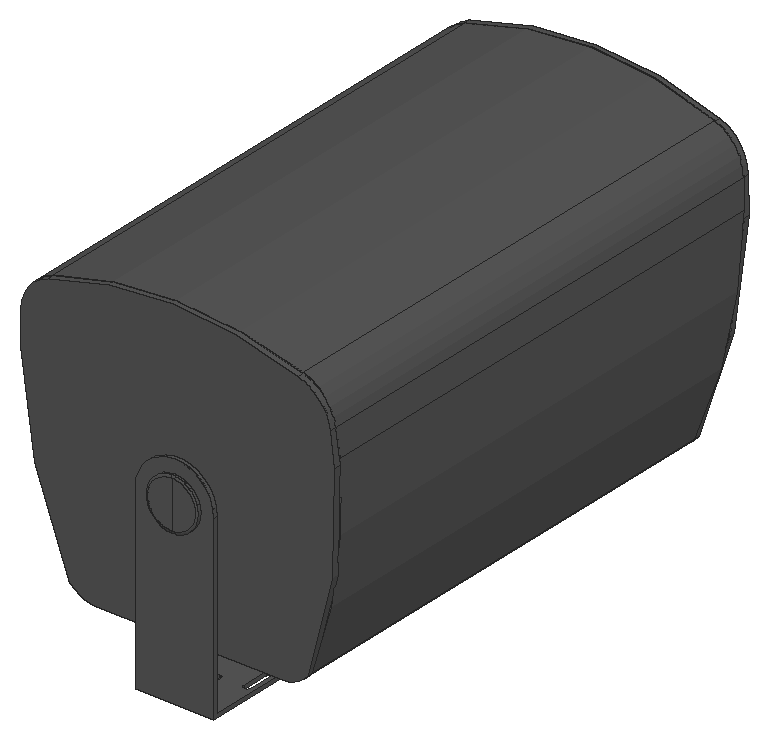
Revit family "Electronics_Desono_Biamp_Two-Way-High-Coaxial-Surface-Mount-Loudspeaker_EX-S8", category Communication Devices, host Face, Revit 2020 (continued)
Definition of nested family "EX-S8"
  Lines and regions (in)
    Masking region 2
      outline origin (0, 4.94549, 3.73646) x (0, -1, 0) y (0, 0, -1)
        loop
          spline (8.8854, 3.43676) -> (8.83102, 3.50127) -> (8.77193, 3.56152) -> (8.70846, 3.61715) -> (8.64097, 3.66786) -> (8.56984, 3.71336) -> (8.49549, 3.75339) -> (8.41832, 3.78772) -> (8.33879, 3.81616) -> (8.25733, 3.83855) -> (8.17441, 3.85476) -> (8.09051, 3.86469) -> (8.0061, 3.8683)
          line (8.0061, 3.8683) -> (1.88489, 3.8683)
          spline (1.88489, 3.8683) -> (1.80047, 3.86469) -> (1.71657, 3.85476) -> (1.63365, 3.83855) -> (1.5522, 3.81616) -> (1.47266, 3.78772) -> (1.39549, 3.75339) -> (1.32114, 3.71336) -> (1.25001, 3.66786) -> (1.18253, 3.61715) -> (1.11906, 3.56152) -> (1.05996, 3.50127) -> (1.00558, 3.43676)
          spline (1.00558, 3.43676) -> (0.84631, 3.03905) -> (0.6974, 2.63736) -> (0.55896, 2.23197) -> (0.43108, 1.82313) -> (0.31384, 1.41113) -> (0.20733, 0.99625) -> (0.11161, 0.57875) -> (0.02675, 0.15893) -> (-0.04719, -0.26295) -> (-0.11017, -0.68659) -> (-0.16215, -1.11171) -> (-0.20308, -1.53804)
    Masking region 3
      outline origin (-2.6015, 0.6342, 3.73646) x (1, 0, 0) y (0, 0, 1)
        loop
          line (-6.14621, 6.48208) -> (-5.42244, -3.8683) -> (10.62544, -3.8683) -> (11.34921, 6.48208) -> (-6.14621, 6.48208)
    reference lines
      curve 1: line (0, 4.94549, 3.73646) -> (0, -4.94549, 3.73646)
      curve 2: line (-2.6015, 0.6342, 3.73646) -> (3.50086, 0.6342, 3.73646)
  Dimensions and locks (in)
    "Offset": curve 1 to plane 2
    Extrusion 5 sketch curve to Extrusion 5 sketch curve = 12.79528"  (x2)
    Extrusion 5 sketch curve to Extrusion 5 sketch curve = 11.19314"  (x2)
    curve 2 to Extrusion 5 sketch curve = 4.25991"  (x2)
    aligned and locked: level to plane 2
  Automatic sketch dimensions
    Masking region 1 sketch curve to plane 3 "Center (Left/Right)" = 8.70866"
    plane 3 "Center (Left/Right)" to Masking region 1 sketch curve = 8.70866"
    plane 1 "Center (Front/Back)" to Masking region 1 sketch curve = 5.12992"
    Masking region 1 sketch curve to plane 1 "Center (Front/Back)" = 5.12992"
    curve 1 to Extrusion 1 sketch curve = 2.91707"  (x2)
    Extrusion 1 sketch curve to curve 1 = 6.36796"
    curve 1 to Extrusion 1 sketch curve = 1.34083"
    curve 1 to Extrusion 1 sketch curve = 1.89023"
    Extrusion 1 sketch curve to Extrusion 1 sketch curve = 3.05526"
    Extrusion 1 sketch curve to curve 1 = 1.89023"
    Extrusion 1 sketch curve to curve 1 = 1.34083"
    curve 1 to Extrusion 1 sketch curve = 6.36796"
    Extrusion 1 sketch curve to curve 1 = 4.34522"  (x2)
    curve 1 to Extrusion 1 sketch curve = 2.73195"  (x2)
    Extrusion 1 sketch curve to Extrusion 1 sketch curve = 1.12262"
    Extrusion 1 sketch curve to Extrusion 1 sketch curve = 1.99732"
    Extrusion 1 sketch curve to curve 1 = 0.18443"
    Extrusion 1 sketch curve to Extrusion 1 sketch curve = 0"  (x3)
    Extrusion 1 sketch curve to Extrusion 1 sketch curve = 0.88464"
    Extrusion 4 sketch curve to Extrusion 4 sketch curve = 0"  (x16)
    curve 1 to Extrusion 4 sketch curve = 2.91707"  (x2)
    Extrusion 4 sketch curve to curve 1 = 6.36796"
    Extrusion 4 sketch curve to curve 1 = 0.24712"
    curve 1 to Extrusion 4 sketch curve = 0.34389"
    Extrusion 4 sketch curve to Extrusion 4 sketch curve = 0.99694"
    curve 1 to Extrusion 4 sketch curve = 4.94549"
    Extrusion 4 sketch curve to curve 1 = 1.34083"
    Extrusion 4 sketch curve to curve 1 = 0.34389"
    curve 1 to Extrusion 4 sketch curve = 0.24712"
    Extrusion 4 sketch curve to Extrusion 4 sketch curve = 6.12084"
    Extrusion 4 sketch curve to curve 1 = 3.55918"  (x2)
    Extrusion 4 sketch curve to Extrusion 4 sketch curve = 0.78604"  (x2)
    curve 1 to Extrusion 4 sketch curve = 5.85189"
    Extrusion 3 sketch curve to Extrusion 3 sketch curve = 0"  (x7)
    curve 1 to Extrusion 3 sketch curve = 2.91707"  (x2)
    Extrusion 3 sketch curve to curve 1 = 6.36796"
    Extrusion 3 sketch curve to curve 1 = 0.24712"
    curve 1 to Extrusion 3 sketch curve = 0.34389"
    Extrusion 3 sketch curve to Extrusion 3 sketch curve = 0.99694"
    curve 1 to Extrusion 3 sketch curve = 1.89023"
    Extrusion 3 sketch curve to Extrusion 3 sketch curve = 3.05526"
    Extrusion 3 sketch curve to curve 1 = 1.89023"
    Extrusion 3 sketch curve to curve 1 = 1.34083"
    Extrusion 3 sketch curve to curve 1 = 0.34389"
    curve 1 to Extrusion 3 sketch curve = 0.24712"
    Extrusion 3 sketch curve to Extrusion 3 sketch curve = 6.12084"
    Extrusion 3 sketch curve to curve 1 = 3.55918"  (x2)
    Extrusion 3 sketch curve to Extrusion 3 sketch curve = 0.78604"  (x2)
    curve 1 to Extrusion 3 sketch curve = 2.73195"
    Extrusion 3 sketch curve to curve 1 = 2.73195"
    Extrusion 3 sketch curve to Extrusion 3 sketch curve = 1.12262"
    Extrusion 3 sketch curve to Extrusion 3 sketch curve = 1.99732"
    Extrusion 5 sketch curve to plane 3 "Center (Left/Right)" = 9.17718"
    Extrusion 5 sketch curve to Extrusion 5 sketch curve = 0.59525"  (x2)
    Extrusion 5 sketch curve to Extrusion 5 sketch curve = 1.37795"
    plane 3 "Center (Left/Right)" to Extrusion 5 sketch curve = 7.79922"
    plane 3 "Center (Left/Right)" to Extrusion 5 sketch curve = 8.58192"
    Extrusion 2 sketch curve to curve 1 = 1.37795"
    curve 1 to Extrusion 2 sketch curve = 3.56754"
    curve 1 to Extrusion 2 sketch curve = 1.37795"
    Extrusion 2 sketch curve to Extrusion 2 sketch curve = 2.75591"
    curve 1 to curve 2 = 4.31129"
    curve 1 to curve 2 = 2.6015"
    curve 2 to curve 1 = 3.50086"
    Extrusion 5 to Extrusion 6 sketch curve = 1.90685"
    Extrusion 6 sketch curve to Extrusion 5 = 4.02595"  (x2)
    Extrusion 6 sketch curve to Extrusion 6 sketch curve = 0.00035"  (x2)
    Extrusion 6 sketch curve to Extrusion 6 sketch curve = 0.00421"  (x2)
    Extrusion 6 sketch curve to Extrusion 5 = 3.59859"
    Extrusion 6 sketch curve to Extrusion 6 sketch curve = 1.15062"  (x2)
    Extrusion 6 sketch curve to Extrusion 5 = 0.83892"  (x2)
    Extrusion 5 to Extrusion 6 sketch curve = 6.98812"
    Extrusion 6 sketch curve to Extrusion 6 sketch curve = 0.14489"  (x2)
    Extrusion 5 to Extrusion 6 sketch curve = 1.53755"
    Extrusion 6 sketch curve to Extrusion 6 sketch curve = 1.52852"
    Extrusion 6 sketch curve to Extrusion 6 sketch curve = 3.93994"  (x2)
    Extrusion 6 sketch curve to Extrusion 5 = 1.1508"  (x2)
    Extrusion 6 sketch curve to Extrusion 6 sketch curve = 0.00001"  (x2)
    Extrusion 6 sketch curve to Extrusion 6 sketch curve = 0.00006"
    Extrusion 6 sketch curve to Extrusion 6 sketch curve = 1.44206"
    Extrusion 6 sketch curve to Extrusion 6 sketch curve = 0.52694"
    Extrusion 6 sketch curve to Extrusion 5 = 0.46561"
    Extrusion 6 sketch curve to Extrusion 6 sketch curve = 0.68905"
    Extrusion 6 sketch curve to Extrusion 6 sketch curve = 0.88506"
    Extrusion 6 sketch curve to Extrusion 5 = 0.40633"
    Extrusion 6 sketch curve to Extrusion 6 sketch curve = 0.87933"
    Extrusion 6 sketch curve to Extrusion 6 sketch curve = 1.12164"
    Extrusion 7 sketch curve to Extrusion 5 = 0.46561"
    Extrusion 5 to Extrusion 7 sketch curve = 4.02595"  (x2)
    Extrusion 7 sketch curve to Extrusion 7 sketch curve = 0.00035"  (x2)
    Extrusion 7 sketch curve to Extrusion 7 sketch curve = 0.00421"  (x2)
    Extrusion 5 to Extrusion 7 sketch curve = 3.59859"
    Extrusion 7 sketch curve to Extrusion 7 sketch curve = 1.15062"  (x2)
    Extrusion 5 to Extrusion 7 sketch curve = 0.83892"  (x2)
    Extrusion 5 to Extrusion 7 sketch curve = 9.36058"
    Extrusion 7 sketch curve to Extrusion 7 sketch curve = 0.14489"  (x2)
    Extrusion 7 sketch curve to Extrusion 5 = 1.53755"
    Extrusion 7 sketch curve to Extrusion 7 sketch curve = 1.52852"
    Extrusion 7 sketch curve to Extrusion 7 sketch curve = 3.93994"  (x2)
    Extrusion 5 to Extrusion 7 sketch curve = 1.1508"  (x2)
    Extrusion 7 sketch curve to Extrusion 7 sketch curve = 0.00001"  (x2)
    Extrusion 7 sketch curve to Extrusion 7 sketch curve = 0.00006"
    Extrusion 7 sketch curve to Extrusion 7 sketch curve = 1.44206"
    Extrusion 7 sketch curve to Extrusion 7 sketch curve = 0.52694"
    Extrusion 5 to Extrusion 7 sketch curve = 1.90685"
    Extrusion 7 sketch curve to Extrusion 7 sketch curve = 0.68905"
    Extrusion 7 sketch curve to Extrusion 7 sketch curve = 0.88506"
    Extrusion 5 to Extrusion 7 sketch curve = 0.40633"
    Extrusion 7 sketch curve to Extrusion 7 sketch curve = 0.87933"
    Extrusion 7 sketch curve to Extrusion 7 sketch curve = 1.12164"
    Masking region 3 sketch curve to curve 2 = 6.14621"
    Masking region 3 sketch curve to curve 2 = 5.42244"
    curve 2 to Masking region 3 sketch curve = 4.52308"
    curve 2 to Masking region 3 sketch curve = 5.24685"
    curve 2 to Masking region 3 sketch curve = 3.8683"
    curve 2 to Masking region 3 sketch curve = 6.48208"
    curve 1 to Masking region 2 sketch curve = 1.88489"
    Masking region 2 sketch curve to curve 1 = 1.88489"
    curve 1 to Masking region 2 sketch curve = 3.8683"
    curve 1 to Masking region 2 sketch curve = 1.34407"
    Masking region 2 sketch curve to Masking region 2 sketch curve = 0.8793"  (x2)
    curve 1 to Masking region 2 sketch curve = 0.81714"
    Masking region 2 sketch curve to Masking region 2 sketch curve = 0.2366"
    Masking region 2 sketch curve to curve 1 = 0.18431"
    Masking region 2 sketch curve to Masking region 2 sketch curve = 0.00696"
    Masking region 2 sketch curve to curve 1 = 0.20308"
    Masking region 2 sketch curve to curve 1 = 0.25959"
    Masking region 2 sketch curve to Masking region 2 sketch curve = 0.00001"
    Masking region 2 sketch curve to Masking region 2 sketch curve = 6.18438"
    Masking region 2 sketch curve to Masking region 2 sketch curve = 0.00419"  (x2)
    Masking region 2 sketch curve to curve 1 = 7.37405"
    curve 1 to Masking region 2 sketch curve = 2.90301"
    Masking region 2 sketch curve to Masking region 2 sketch curve = 16.59035"
    Masking region 2 sketch curve to Masking region 2 sketch curve = 0.0084"
    Masking region 2 sketch curve to Masking region 2 sketch curve = 0.00574"  (x2)
    Masking region 2 sketch curve to Masking region 2 sketch curve = 3.0606"
    Masking region 2 sketch curve to Masking region 2 sketch curve = 1.12738"
    Masking region 2 sketch curve to curve 1 = 2.87942"
    Masking region 2 sketch curve to curve 1 = 1.34407"
    Masking region 2 sketch curve to curve 1 = 0.81714"
    curve 1 to Masking region 2 sketch curve = 0.18431"
    curve 1 to Masking region 2 sketch curve = 0.20308"
    Masking region 2 sketch curve to Masking region 2 sketch curve = 6.2409"
    Masking region 2 sketch curve to Masking region 2 sketch curve = 0.43153"  (x2)
    curve 1 to Masking region 2 sketch curve = 1.53804"
    Masking region 2 sketch curve to Masking region 2 sketch curve = 0.00034"  (x2)
    Masking region 2 sketch curve to Masking region 2 sketch curve = 0.14571"
    Masking region 2 sketch curve to Masking region 2 sketch curve = 3.05804"
    plane 1 "Center (Front/Back)" to curve 1 = 4.94549"
    curve 1 to plane 1 "Center (Front/Back)" = 4.94549"
Types (4): name | Offset speaker | Offset | Model | Housing Material | Grill Material | EXUB_PRT | EXUB | CMX-LG | Bracket Material | Angle note
  EX-S8-CM W | 6.88976" | 2.48425" | "EX-S8-CM W" | Biamp - Plastic - White | Biamp - Plastic - White(Grid) | no | no | yes | Biamp - Plastic - White | "This product has predetermined aiming increments of 8 degrees in the vertical plane and 12 degrees in the horizontal plane"
  EX-S8-CM B | 6.88976" | 2.48425" | "EX-S8-CM B" | Biamp - Plastic - Black | Biamp - Plastic - Black(Grid) | no | no | yes | Biamp - Plastic - Black | "This product has predetermined aiming increments of 8 degrees in the vertical plane and 12 degrees in the horizontal plane"
  EX-S8-UB B | 0" | 5.78346" | "EX-S8-UB B" | Biamp - Plastic - Black | Biamp - Plastic - Black(Grid) | yes | yes | no | Biamp - Plastic - Black | "This product has predetermined angles in 10 degree increments"
  EX-S8-UB W | 0" | 5.78346" | "EX-S8-UB W" | Biamp - Plastic - White | Biamp - Plastic - White(Grid) | yes | yes | no | Biamp - Plastic - White | "This product has predetermined angles in 10 degree increments"
